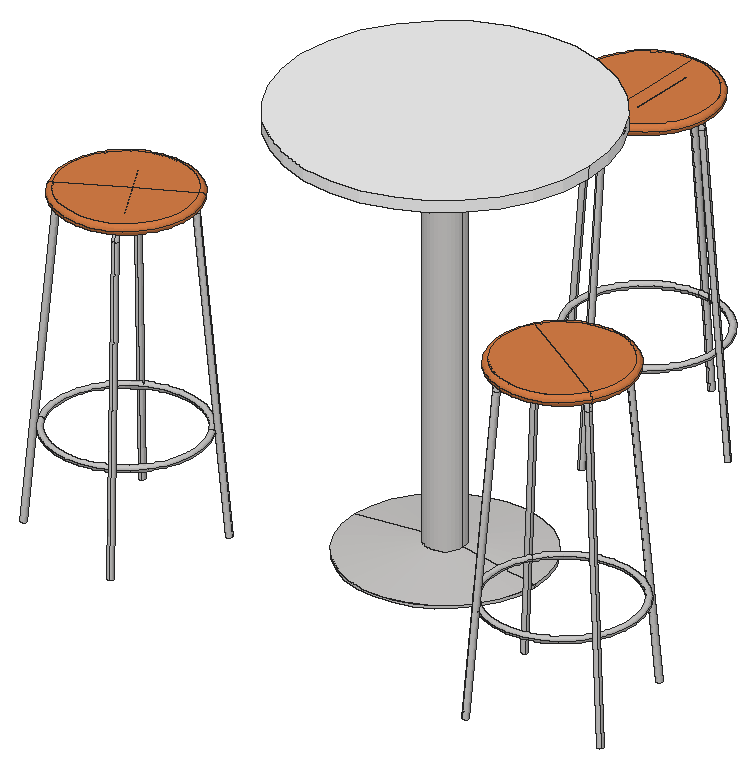
Revit family "Bar Section 2", category Furniture, Revit 2015
Parameters (values of type "3 Persons")
  Table = Table Bar Round : 40x90cm
  Number of Chairs = 3
  Material Plate [instance] = White Glossy
  Material Chair Seat/Back [instance] = Orange Light
  Material Table Base [instance] = Stainless Steel
  Material Chair Base [instance] = Stainless Steel
  Chair [instance] = Chair Bar 1 : 17.5x85cm
Types (2, lengths in mm): name | Table | Number of Chairs
  3 Persons | Table Bar Round : 40x90cm | 3
  4 Persons | Table Bar Round : 45x90cm | 4
Reference planes
  plane 1 "Center (Front/Back)": y = 0
  plane 2: z = 0
  plane 3 "Center (Left/Right)": x = 0
Dimensions and locks
  aligned and locked: level to plane 2
Nested families
  nested 1: "Table Bar Round" at (0, 0, 0), Material Tabletop <- "Material Plate", Material Legs <- "Material Table Base", type <- "Table", type "40x90cm"
    with Material Tabletop White Glossy, Material Legs Stainless Steel
  nested 2: "Chair Bar 1" at (0, 700, 0), type <- "Chair", Material Seat/Back <- "Material Chair Seat/Back", Material Base <- "Material Chair Base", type "17.5x85cm"
    with Material Seat/Back Orange Light, Material Base Stainless Steel
  nested 3: "Chair Bar 1" at (606.218, -350, 0) x (-0.5, -0.866, 0) z (0, 0, 1), type <- "Chair", Material Seat/Back <- "Material Chair Seat/Back", Material Base <- "Material Chair Base", type "17.5x85cm"
    with Material Seat/Back Orange Light, Material Base Stainless Steel
  nested 4: "Chair Bar 1" at (-606.218, -350, 0) x (-0.5, 0.866, 0) z (0, 0, 1), type <- "Chair", Material Seat/Back <- "Material Chair Seat/Back", Material Base <- "Material Chair Base", type "17.5x85cm"
    with Material Seat/Back Orange Light, Material Base Stainless Steel
Definition of nested family "Table Bar Round"
  Parameters
    Material Tabletop [instance] = none
    Radius Base = 250 mm
    Radius Plate = 400 mm
    Material Legs [instance] = none
    Height = 900 mm
    Assembly Code = ""
  Reference planes
    plane 1 "Center (Front/Back)": y = 0
    plane 2: z = 0
    plane 3 "Center (Left/Right)": x = 0
    plane 4 "Tableheight": z = 900
  Forms (mm)
    Revolve 1, solid, material <- "Material Legs"
      sketch origin (0, 0, 0) x (1, 0, 0) y (0, 0, 1)
        loop
          line (0, 0) -> (0, 1068.59) -> (-250, 1068.59) -> (-250, 1045.222) -> (-50, 1045.222) -> (-50, 30) -> (-250, 7.034) -> (-250, 0) -> (0, 0)
        axis (0, 1068.59) -> (0, 0)
      angle from 0 to 360
    Extrusion 2, solid, material <- "Material Tabletop"
      sketch origin (48.853, -30.184, 1100) x (-1, 0, 0) y (0, -1, 0)
        loop
          circle (48.853, -30.184) r 400
      from 0 to -30
  Dimensions and locks
    "Height": plane 4 "Tableheight" to level
    "Radius Base": Revolve 1 sketch curve to Revolve 1 sketch curve
    "Radius Base": plane 3 "Center (Left/Right)" to Revolve 1 sketch curve
    "Radius Plate": radius of Extrusion 2 sketch curve
  Automatic sketch dimensions
    Revolve 1 sketch curve to level = 0 mm
    Revolve 1 sketch curve to plane 3 "Center (Left/Right)" = 0 mm  (x2)
    Revolve 1 sketch curve to plane 3 "Center (Left/Right)" = 50 mm
    level to Revolve 1 sketch curve = 7.034 mm
    level to Revolve 1 sketch curve = 30 mm
    plane 4 "Tableheight" to Revolve 1 sketch curve = 145.222 mm
    Revolve 1 sketch curve to Revolve 1 sketch curve = 23.369 mm
    Revolve 1 sketch curve to Revolve 1 sketch curve = 180 mm
    Revolve 1 sketch curve to Revolve 1 sketch curve = 28.59 mm
    plane 1 "Center (Front/Back)" to Extrusion 2 sketch curve = 0 mm
    Extrusion 2 sketch curve to plane 3 "Center (Left/Right)" = 0 mm
Definition of nested family "Chair Bar 1"
  Parameters
    Material Seat/Back [instance] = none
    Material Base [instance] = none
    Keynote = ""
    Assembly Code = ""
    Height = 850 mm
    Radius = 175 mm
  Reference planes
    plane 1 "Center F/B": y = 0
    plane 2: z = 0
    plane 3 "Center L/R": x = 0
    plane 4: z = 850
    plane 5: z = 254
  Forms (mm)
    Sweep 1, solid, material <- "Material Base"
      path origin (0, 0, 0) x (1, 0, 0) y (0, 0, 1)
        loop
          line (225.733, 0) -> (154.429, 801.414)
          arc (154.429, 801.414) -> (146.285, 817.927) -> (129.125, 824.6) r 25.4
          line (129.125, 824.6) -> (-129.125, 824.6)
          arc (-129.125, 824.6) -> (-146.285, 817.927) -> (-154.429, 801.414) r 25.4
          line (-154.429, 801.414) -> (-225.733, 0)
      profile origin (0, 0, 0) x (0, 0, -1) y (0, -1, 0)
        loop
          circle (-824.6, 0) r 7.5
    Sweep 2, solid, material <- "Material Base"
      path origin (0, 0, 0) x (0, 1, 0) y (0, 0, 1)
        loop
          line (-225.733, 0) -> (-154.429, 801.414)
          arc (-154.429, 801.414) -> (-146.285, 817.927) -> (-129.125, 824.6) r 25.4
          line (-129.125, 824.6) -> (129.125, 824.6)
          arc (129.125, 824.6) -> (146.285, 817.927) -> (154.429, 801.414) r 25.4
          line (154.429, 801.414) -> (225.733, 0)
      profile origin (0, 0, 0) x (0, 0, 1) y (1, 0, 0)
        loop
          circle (824.6, 0) r 7.5
    Revolve 3, solid, material <- "Material Seat/Back"
      sketch origin (0, 0, 0) x (0, 1, 0) y (0, 0, 1)
        loop
          line (0, 850) -> (0, 824.6) -> (162.3, 824.6)
          arc (162.3, 824.6) -> (171.28, 828.32) -> (175, 837.3) r 12.7
          arc (175, 837.3) -> (171.28, 846.28) -> (162.3, 850) r 12.7
          line (162.3, 850) -> (0, 850)
        axis (0, 824.6) -> (0, 850)
      angle from 0 to 360
    Sweep 4, solid, material <- "Material Base"
      path origin (0, 0, 254) x (0, -1, 0) y (1, 0, 0)
        loop
          circle (0, 0) r 209.918
      profile origin (0, 0, 254) x (-1, 0, 0) y (0, 0, 1)
        loop
          circle (188.053, 0) r 7.5
  Lines and regions (mm)
    symbolic lines
      curve 1: line (15.875, 226.487, 0) -> (15.875, 202.952, 0)
      curve 2: line (-15.875, 226.487, 0) -> (-15.875, 202.952, 0)
      curve 3: arc (-15.875, 226.487, 0) -> (0, 242.362, 0) -> (15.875, 226.487, 0) r 15.875
      curve 4: line (-226.487, 15.875, 0) -> (-202.952, 15.875, 0)
      curve 5: line (-226.487, -15.875, 0) -> (-202.952, -15.875, 0)
      curve 6: line (-15.875, -226.487, 0) -> (-15.875, -202.952, 0)
      curve 7: line (15.875, -226.487, 0) -> (15.875, -202.952, 0)
      curve 8: line (226.487, -15.875, 0) -> (202.952, -15.875, 0)
      curve 9: line (226.487, 15.875, 0) -> (202.952, 15.875, 0)
      curve 10: arc (-226.487, 15.875, 0) -> (-242.362, 0, 0) -> (-226.487, -15.875, 0) r 15.875
      curve 11: arc (226.487, 15.875, 0) -> (242.362, 0, 0) -> (226.487, -15.875, 0) r 15.875
      curve 12: arc (-15.875, -226.487, 0) -> (0, -242.362, 0) -> (15.875, -226.487, 0) r 15.875
  Dimensions and locks
    "Height": plane 4 to plane 2
    "Radius": plane 1 "Center F/B" to Revolve 3 sketch curve
    locked: Revolve 3 sketch curve to Revolve 3 sketch curve at 12.7
  Automatic sketch dimensions
    Sweep 1 sketch curve to level = 0 mm  (x2)
    Sweep 1 sketch curve to plane 3 "Center L/R" = 225.733 mm
    plane 4 to Sweep 1 sketch curve = 48.586 mm
    Sweep 1 sketch curve to plane 3 "Center L/R" = 154.429 mm
    plane 4 to Sweep 1 sketch curve = 25.4 mm
    Sweep 1 sketch curve to Sweep 1 sketch curve = 25.303 mm  (x2)
    plane 3 "Center L/R" to Sweep 1 sketch curve = 129.125 mm
    plane 3 "Center L/R" to Sweep 1 sketch curve = 225.733 mm
    Sweep 1 sketch curve to Sweep 1 sketch curve = 25.4 mm
    Sweep 2 sketch curve to level = 0 mm  (x2)
    plane 1 "Center F/B" to Sweep 2 sketch curve = 225.733 mm
    plane 4 to Sweep 2 sketch curve = 48.586 mm  (x2)
    plane 1 "Center F/B" to Sweep 2 sketch curve = 154.429 mm
    Sweep 2 sketch curve to Sweep 2 sketch curve = 25.303 mm  (x2)
    Sweep 2 sketch curve to plane 1 "Center F/B" = 129.125 mm
    Sweep 2 sketch curve to plane 1 "Center F/B" = 225.733 mm
    Sweep 2 sketch curve to Sweep 2 sketch curve = 2.214 mm
    Revolve 3 sketch curve to plane 1 "Center F/B" = 0 mm  (x2)
    Revolve 3 sketch curve to plane 4 = 0 mm
    Revolve 3 sketch curve to Revolve 3 sketch curve = 0 mm
    Revolve 3 sketch curve to plane 4 = 50.8 mm
    Revolve 3 sketch curve to Revolve 3 sketch curve = 50.8 mm
    Sweep 4 sketch curve to plane 3 "Center L/R" = 0 mm
    Sweep 4 sketch curve to plane 1 "Center F/B" = 0 mm
    Sweep 4 sketch curve to Sweep 4 sketch curve = 209.918 mm
    curve 10 to plane 1 "Center F/B" = 0 mm
    curve 3 to plane 3 "Center L/R" = 0 mm
    curve 12 to plane 3 "Center L/R" = 0 mm
    curve 11 to plane 1 "Center F/B" = 0 mm
    curve 12 to curve 12 = 15.875 mm
    curve 2 to plane 3 "Center L/R" = 15.875 mm
    curve 4 to plane 1 "Center F/B" = 15.875 mm
    curve 4 to plane 3 "Center L/R" = 202.952 mm
    curve 5 to curve 5 = 23.535 mm
    curve 9 to plane 1 "Center F/B" = 15.875 mm
    curve 8 to curve 11 = 23.535 mm
    curve 12 to curve 6 = 23.535 mm
    curve 2 to curve 3 = 23.535 mm
    curve 10 to curve 4 = 23.535 mm
    plane 3 "Center L/R" to curve 8 = 202.952 mm
    curve 9 to curve 9 = 23.535 mm
    plane 1 "Center F/B" to curve 7 = 202.952 mm
    curve 6 to curve 7 = 0 mm
    curve 1 to plane 1 "Center F/B" = 202.952 mm
    curve 2 to curve 1 = 0 mm
    Sweep 1 sketch curve to plane 1 "Center F/B" = 0 mm
    Sweep 1 sketch curve to profile plane = 0 mm
    Sweep 4 sketch curve to plane 5 = 0 mm
    profile plane to Sweep 4 sketch curve = 21.866 mm
    Sweep 2 sketch curve to plane 3 "Center L/R" = 0 mm
    Sweep 2 sketch curve to profile plane = 0 mm
    radius of Sweep 1 sketch curve = 7.5 mm
    radius of Sweep 4 sketch curve = 7.5 mm
    radius of Sweep 2 sketch curve = 7.5 mm
